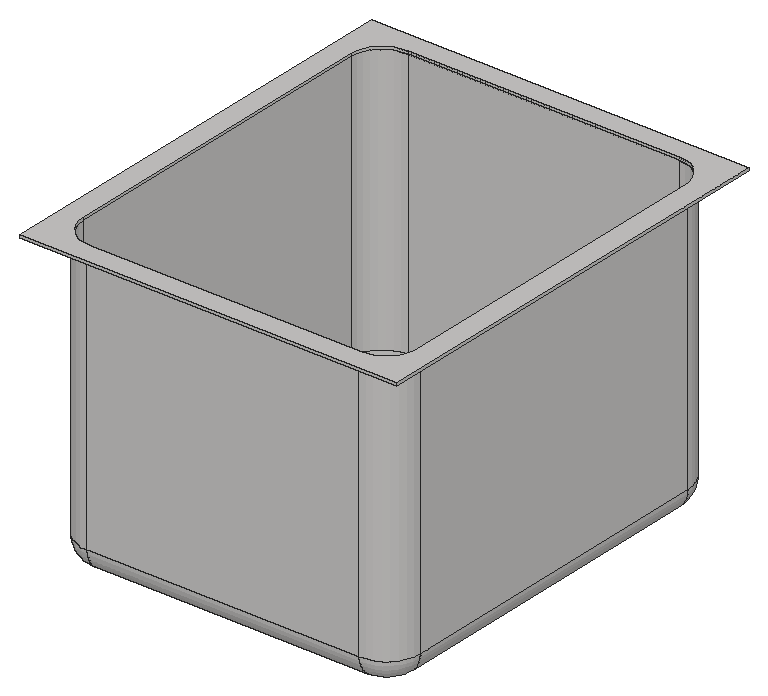
Revit family "QF_Vollrath_16141-1", category Specialty Equipment, Revit 2016
Family settings
  Part Type = Normal
  Round Connector Dimension = Use Diameter
  OmniClass Number = 23.40.40.14.31
  OmniClass Title = Cleaning and Disposal Equipment
  Work Plane-Based = Yes
  Always vertical = Yes
  Cut with Voids When Loaded = No
  Shared = No
  Room Calculation Point = No
Parameters
  Width = 1' - 6"
  Weight in Pounds = 0
  Watermarked By = "http://revitwatermark.com"
  URL Cutsheet = ""
  Status [instance] = ""
  Specification by User [instance] = ""
  Specification by Manufacturer [instance] = ""
  Sink Width = 1' - 4"
  Sink Depth = 1' - 7"
  Sink Basin Depth = 1' - 2"
  Serial Number [instance] = ""
  Seismic Rating [instance] = ""
  SMACNA No [instance] = ""
  Revision Code [instance] = ""
  NAFEM Spec ID Number [instance] = ""
  Model = "16141-1"
  Masterspec [instance] = ""
  Manufacturer = "Vollrath"
  Item Number [instance] = "-"
  Installed By [instance] = ""
  Indirect Waste Size = 2"
  Indirect Waste Flow [instance] = 0.00 GPM
  Indirect Waste Connection Type [instance] = ""
  Indirect Waste Connection Height [instance] = 0' - 0"
  Furnished By [instance] = ""
  Foodservice Equipment Identifier [instance] = yes
  Description = "Undermount Sink"  # constant formula
  Depth = 1' - 9"
  Default Elevation = 4' - 0"
  CSI MasterFormat = ""
Reference planes (in)
  plane 1 "BACK": y = 0
  plane 2 "BOTTOM": z = 0
  plane 3 "LEFT": x = 0
  plane 4 "RIGHT": x = 18
  plane 5 "FRONT": y = -21
  plane 6: x = 9
  plane 7: y = -10.5
  plane 8: y = -1
  plane 9: y = -20
  plane 10: x = 1
  plane 11: x = 17
  plane 12 "Sink Bottom": z = -14
  plane 13: y = -5.6875
Forms (in)
  Sweep 1, solid, material "QF_Finishes_Stainless Steel"
    path origin (0, 0, 0) x (1, 0, 0) y (0, 1, 0)
      loop
        arc (2.5, -1) -> (1.43934, -1.43934) -> (1, -2.5) r 1.5
        line (1, -2.5) -> (1, -18.5)
        arc (1, -18.5) -> (1.43934, -19.56066) -> (2.5, -20) r 1.5
        line (2.5, -20) -> (15.5, -20)
        arc (15.5, -20) -> (16.56066, -19.56066) -> (17, -18.5) r 1.5
        line (17, -18.5) -> (17, -2.5)
        arc (17, -2.5) -> (16.56066, -1.43934) -> (15.5, -1) r 1.5
        line (15.5, -1) -> (2.5, -1)
    profile origin (9, -1, 0) x (0, 1, 0) y (0, 0, 1)
      loop
        line (0, 0) -> (0, -12.875)
        arc (0, -12.875) -> (-0.29289, -13.58211) -> (-1, -13.875) r 1
        line (-1, -13.875) -> (-1, -14)
        arc (-1, -14) -> (-0.2045, -13.6705) -> (0.125, -12.875) r 1.125
        line (0.125, -12.875) -> (0.125, 0) -> (0, 0)
  Extrusion 2, solid, material "QF_Finishes_Stainless Steel"
    sketch origin (0, 0, 0) x (1, 0, 0) y (0, 1, 0)
      loop
        arc (1, -18.5) -> (1.43934, -19.56066) -> (2.5, -20) r 1.5
        line (2.5, -20) -> (15.5, -20)
        arc (15.5, -20) -> (16.56066, -19.56066) -> (17, -18.5) r 1.5
        line (17, -18.5) -> (17, -2.5)
        arc (17, -2.5) -> (16.56066, -1.43934) -> (15.5, -1) r 1.5
        line (15.5, -1) -> (2.5, -1)
        arc (2.5, -1) -> (1.43934, -1.43934) -> (1, -2.5) r 1.5
        line (1, -2.5) -> (1, -18.5)
      loop
        line (0, -21) -> (18, -21) -> (18, 0) -> (0, 0) -> (0, -21)
    from 0 to 0.125
  Extrusion 3, solid, material "QF_Finishes_Stainless Steel"
    sketch origin (0, 0, -14) x (-1, 0, 0) y (0, -1, 0)
      loop
        line (-15.5, 2) -> (-2.5, 2)
        arc (-2.5, 2) -> (-2.14645, 2.14645) -> (-2, 2.5) r 0.5
        line (-2, 2.5) -> (-2, 18.5)
        arc (-2, 18.5) -> (-2.14645, 18.85355) -> (-2.5, 19) r 0.5
        line (-2.5, 19) -> (-15.5, 19)
        arc (-15.5, 19) -> (-15.85355, 18.85355) -> (-16, 18.5) r 0.5
        line (-16, 18.5) -> (-16, 2.5)
        arc (-16, 2.5) -> (-15.85355, 2.14645) -> (-15.5, 2) r 0.5
      loop
        circle (-9, 5.6875) r 1.75
    from 0 to 0.125
Lines and regions (in)
  symbolic lines
    curve 1: line (0, 0, -14) -> (18, 0, -14)
    curve 2: line (0, -21, -14) -> (0, 0, -14)
    curve 3: line (18, -21, -14) -> (0, -21, -14)
    curve 4: line (18, 0, -14) -> (18, -21, -14)
  symbolic lines, style "QF_Surface Details"
    curve 5: circle (9, -5.6875, -14) r 1.75 normal (0, 0, -1)
    curve 6: line (15.5, -1, -14) -> (2.5, -1, -14)
    curve 7: arc (1, -2.5, -14) -> (1.43934, -1.43934, -14) -> (2.5, -1, -14) r 1.5
    curve 8: line (1, -2.5, -14) -> (1, -18.5, -14)
    curve 9: arc (2.5, -20, -14) -> (1.43934, -19.56066, -14) -> (1, -18.5, -14) r 1.5
    curve 10: line (2.5, -20, -14) -> (15.5, -20, -14)
    curve 11: arc (17, -18.5, -14) -> (16.56066, -19.56066, -14) -> (15.5, -20, -14) r 1.5
    curve 12: line (17, -18.5, -14) -> (17, -2.5, -14)
    curve 13: arc (15.5, -1, -14) -> (16.56066, -1.43934, -14) -> (17, -2.5, -14) r 1.5
Dimensions and locks (in)
  "Width": plane 3 "LEFT" to plane 4 "RIGHT"
  "Depth": plane 5 "FRONT" to plane 1 "BACK"
  "Sink Depth": plane 8 to plane 9
  equal spacing: plane 3 "LEFT", plane 6, plane 4 "RIGHT"
  equal spacing: plane 10, plane 6, plane 11
  "Sink Width": plane 10 to plane 11
  "Sink Basin Depth": level to plane 12 "Sink Bottom"
  level to Sweep 1 sketch curve = 0' - 0"
  locked: Sweep 1 sketch curve to plane 8 at 0.125
  locked: plane 12 "Sink Bottom" to Sweep 1 sketch curve at 0.125
  equal spacing: plane 8, plane 7, plane 9
  plane 1 "BACK" to plane 8 = 0' - 1"
  plane 9 to plane 5 "FRONT" = 0' - 1"
  locked: plane 3 "LEFT" to plane 10 at 1
  plane 11 to plane 4 "RIGHT" = 0' - 1"
  plane 8 to plane 13 = 0' - 4 11/16"
  aligned and locked: level to plane 2 "BOTTOM"
  aligned and locked: Sweep 1 sketch curve to plane 8
  aligned and locked: plane 10 to Sweep 1 sketch curve
  aligned and locked: plane 9 to Sweep 1 sketch curve
  aligned and locked: Sweep 1 sketch curve to plane 11
  aligned and locked: plane 8 to Sweep 1 sketch curve
  aligned and locked: plane 12 "Sink Bottom" to Sweep 1 sketch curve
  aligned and locked: Extrusion 2 sketch curve to Sweep 1  (x4)
  aligned and locked: Extrusion 2 sketch curve to plane 3 "LEFT"
  aligned and locked: plane 5 "FRONT" to Extrusion 2 sketch curve
  aligned and locked: plane 4 "RIGHT" to Extrusion 2 sketch curve
  aligned and locked: Extrusion 2 sketch curve to plane 1 "BACK"
  aligned and locked: Extrusion 3 sketch curve to Sweep 1  (x4)
Automatic sketch dimensions
  plane 10 to Sweep 1 sketch curve = 0' - 1 1/2"  (x2)
  Sweep 1 sketch curve to plane 11 = 0' - 1 1/2"
  Sweep 1 sketch curve to plane 8 = 0' - 1 1/2"
  Sweep 1 sketch curve to Sweep 1 sketch curve = 0' - 1"
  plane 10 to Extrusion 2 sketch curve = 0' - 1 1/2"
  Extrusion 2 sketch curve to plane 8 = 0' - 1 1/2"
  Extrusion 2 sketch curve to plane 11 = 0' - 1 1/2"  (x2)
  Extrusion 3 sketch curve to plane 6 = 0' - 0"
  Extrusion 3 sketch curve to plane 13 = 0' - 0"
  Extrusion 3 sketch curve to Extrusion 3 sketch curve = 0' - 0 1/2"  (x4)
  plane 1 "BACK" to curve 1 = 0' - 0"
  curve 1 to plane 4 "RIGHT" = 0' - 0"
  curve 5 to plane 6 = 0' - 0"
  curve 2 to plane 3 "LEFT" = 0' - 0"
  curve 5 to plane 13 = 0' - 0"
  plane 5 "FRONT" to curve 2 = 0' - 0"
  curve 6 to plane 8 = 0' - 0"
  curve 7 to plane 10 = 0' - 0"
  plane 10 to curve 7 = 0' - 1 1/2"
  plane 9 to curve 8 = 0' - 1 1/2"
  curve 9 to plane 9 = 0' - 0"
  curve 10 to plane 11 = 0' - 1 1/2"
  curve 11 to plane 11 = 0' - 0"
  curve 12 to plane 8 = 0' - 1 1/2"
  radius of Extrusion 3 sketch curve = 0' - 1 3/4"
  radius of curve 5 = 0' - 1 3/4"
Connectors (in)
  piping at (9, -5.6875, -14), diameter 2, driven by "Indirect Waste Flow"
    settings: on Extrusion 3, index 1, connector inside diameter 2", connector length 0' - 0", flow factor 0, pipe flow 0.00 GPM, pressure drop 0.00 psi, fitting loss kfactor 0, connector angle 0.00°, fixture units 0, engagement length 0' - 0", angle of deflection 0.00°, flow configuration 1, flow direction 2, fitting loss method 0, system type 16, joint type 0, gender type 0, connector reference index -1, connector utility 0, adjustable connector no, is connector primary yes, connector description "IW"
